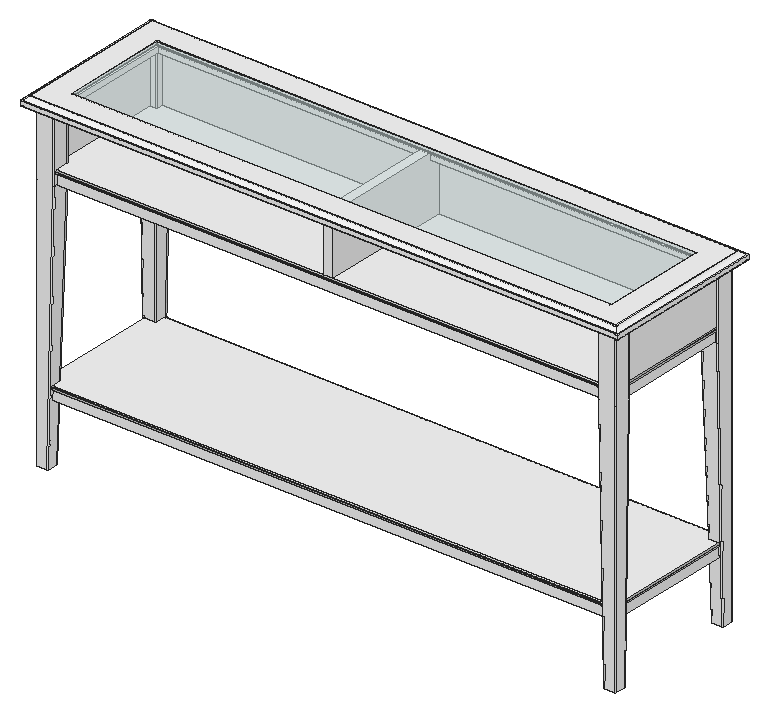
Revit family "IKEA_Liatorp Consolle", category Arredi, Revit 2015
Reference planes
  plane 1 "Centro (Fronte/Retro)": y = 0
  plane 2: z = 0
  plane 3 "Centro (Sinistra/Destra)": x = 0
  plane 4: y = -370
  plane 5: x = -675
  plane 6: x = 675
  plane 7: z = 750
  plane 8: z = 610
  plane 9: z = 140
  plane 10: z = 580
  plane 11: z = 170
  plane 12: x = -655
  plane 13: x = 655
  plane 14: x = -630
  plane 15: x = -615
  plane 16: y = -350
  plane 17: y = -20
  plane 18: y = -310
Forms (mm)
  Sweep 1, solid, material "Laccato bianco"
    path origin (-1036.162, -1524, 750) x (-1, 0, 0) y (0, -1, 0)
      loop
        line (-361.162, -1524) -> (-361.162, -1154) -> (-1711.162, -1154) -> (-1711.162, -1524) -> (-361.162, -1524)
    profile origin (0, 0, 750) x (0, 1, 0) y (0, 0, 1)
      loop
        line (-12.708, 0) -> (-64.288, 0)
        arc (-64.288, 0) -> (-64.791, -0.209) -> (-65, -0.712) r 0.712
        line (-65, -0.712) -> (-65, -7) -> (-70, -7) -> (-70, -20) -> (-1, -20)
        arc (-1, -20) -> (-0.293, -19.707) -> (0, -19) r 1
        line (0, -19) -> (0, -8.876)
        arc (0, -8.876) -> (-0.245, -8.257) -> (-0.847, -7.972) r 0.906
        arc (-0.847, -7.972) -> (-7.281, -5.77) -> (-11.722, -0.62) r 13
        arc (-11.722, -0.62) -> (-12.125, -0.168) -> (-12.708, 0) r 1.093
  Extrusion 2, solid, material "Vetro x arredo"
    sketch origin (-1036.162, -1524, 750) x (-1, 0, 0) y (0, -1, 0)
      loop
        line (-426.172, -1458.99) -> (-426.172, -1219.01) -> (-1646.153, -1219.01) -> (-1646.153, -1458.99) -> (-426.172, -1458.99)
    from -7 to 0
  Extrusion 3, solid, material "Laccato bianco"
    sketch origin (-1036.162, -1524, 750) x (-1, 0, 0) y (0, -1, 0)
      loop
        arc (-383.483, -1214) -> (-381.842, -1213.32) -> (-381.162, -1211.68) r 2.32
        line (-381.162, -1211.68) -> (-381.162, -1176.342)
        arc (-381.162, -1176.342) -> (-381.848, -1174.686) -> (-383.504, -1174) r 2.342
        line (-383.504, -1174) -> (-418.906, -1174)
        arc (-418.906, -1174) -> (-420.501, -1174.661) -> (-421.162, -1176.257) r 2.257
        line (-421.162, -1176.257) -> (-421.162, -1211.736)
        arc (-421.162, -1211.736) -> (-420.499, -1213.337) -> (-418.898, -1214) r 2.264
        line (-418.898, -1214) -> (-383.483, -1214)
    from -170 to -20
  Blend 4, solid, material "Laccato bianco"
    base sketch origin (-1036.162, -1524, 750) x (-1, 0, 0) y (0, -1, 0)
      loop
        line (-383.504, -1174) -> (-418.906, -1174)
        arc (-418.906, -1174) -> (-420.501, -1174.661) -> (-421.162, -1176.257) r 2.257
        line (-421.162, -1176.257) -> (-421.162, -1211.736)
        arc (-421.162, -1211.736) -> (-420.499, -1213.337) -> (-418.898, -1214) r 2.264
        line (-418.898, -1214) -> (-383.483, -1214)
        arc (-383.483, -1214) -> (-381.842, -1213.32) -> (-381.162, -1211.68) r 2.32
        line (-381.162, -1211.68) -> (-381.162, -1176.342)
        arc (-381.162, -1176.342) -> (-381.848, -1174.686) -> (-383.504, -1174) r 2.342
    top sketch origin (-1036.162, -1524, 750) x (-1, 0, 0) y (0, -1, 0)
      loop
        line (-381.162, -1198.717) -> (-381.162, -1176.342)
        arc (-381.162, -1176.342) -> (-381.848, -1174.686) -> (-383.504, -1174) r 2.342
        line (-383.504, -1174) -> (-405.868, -1174)
        arc (-405.868, -1174) -> (-407.49, -1174.672) -> (-408.162, -1176.295) r 2.295
        line (-408.162, -1176.295) -> (-408.162, -1198.693)
        arc (-408.162, -1198.693) -> (-407.487, -1200.324) -> (-405.855, -1201) r 2.307
        line (-405.855, -1201) -> (-383.445, -1201)
        arc (-383.445, -1201) -> (-381.831, -1200.331) -> (-381.162, -1198.717) r 2.283
    from -170 to -750
  Extrusion 5, solid, material "Laccato bianco"
    sketch origin (1036.162, -1524, 750) x (1, 0, 0) y (0, 1, 0)
      loop
        line (-383.483, 1214) -> (-418.898, 1214)
        arc (-418.898, 1214) -> (-420.499, 1213.337) -> (-421.162, 1211.736) r 2.264
        line (-421.162, 1211.736) -> (-421.162, 1176.257)
        arc (-421.162, 1176.257) -> (-420.501, 1174.661) -> (-418.906, 1174) r 2.257
        line (-418.906, 1174) -> (-383.504, 1174)
        arc (-383.504, 1174) -> (-381.848, 1174.686) -> (-381.162, 1176.342) r 2.342
        line (-381.162, 1176.342) -> (-381.162, 1211.68)
        arc (-381.162, 1211.68) -> (-381.842, 1213.32) -> (-383.483, 1214) r 2.32
    from -170 to -20
  Blend 6, solid, material "Laccato bianco"
    base sketch origin (1036.162, -1524, 750) x (1, 0, 0) y (0, 1, 0)
      loop
        arc (-383.504, 1174) -> (-381.848, 1174.686) -> (-381.162, 1176.342) r 2.342
        line (-381.162, 1176.342) -> (-381.162, 1211.68)
        arc (-381.162, 1211.68) -> (-381.842, 1213.32) -> (-383.483, 1214) r 2.32
        line (-383.483, 1214) -> (-418.898, 1214)
        arc (-418.898, 1214) -> (-420.499, 1213.337) -> (-421.162, 1211.736) r 2.264
        line (-421.162, 1211.736) -> (-421.162, 1176.257)
        arc (-421.162, 1176.257) -> (-420.501, 1174.661) -> (-418.906, 1174) r 2.257
        line (-418.906, 1174) -> (-383.504, 1174)
    top sketch origin (1036.162, -1524, 750) x (1, 0, 0) y (0, 1, 0)
      loop
        arc (-381.162, 1198.717) -> (-381.831, 1200.331) -> (-383.445, 1201) r 2.283
        line (-383.445, 1201) -> (-405.855, 1201)
        arc (-405.855, 1201) -> (-407.487, 1200.324) -> (-408.162, 1198.693) r 2.307
        line (-408.162, 1198.693) -> (-408.162, 1176.295)
        arc (-408.162, 1176.295) -> (-407.49, 1174.672) -> (-405.868, 1174) r 2.295
        line (-405.868, 1174) -> (-383.504, 1174)
        arc (-383.504, 1174) -> (-381.848, 1174.686) -> (-381.162, 1176.342) r 2.342
        line (-381.162, 1176.342) -> (-381.162, 1198.717)
    from -170 to -750
  Extrusion 7, solid, material "Laccato bianco"
    sketch origin (1036.162, 1154, 750) x (1, 0, 0) y (0, 1, 0)
      loop
        arc (-383.483, -1214) -> (-381.842, -1213.32) -> (-381.162, -1211.68) r 2.32
        line (-381.162, -1211.68) -> (-381.162, -1176.342)
        arc (-381.162, -1176.342) -> (-381.848, -1174.686) -> (-383.504, -1174) r 2.342
        line (-383.504, -1174) -> (-418.906, -1174)
        arc (-418.906, -1174) -> (-420.501, -1174.661) -> (-421.162, -1176.257) r 2.257
        line (-421.162, -1176.257) -> (-421.162, -1211.736)
        arc (-421.162, -1211.736) -> (-420.499, -1213.337) -> (-418.898, -1214) r 2.264
        line (-418.898, -1214) -> (-383.483, -1214)
    from -170 to -20
  Blend 8, solid, material "Laccato bianco"
    base sketch origin (1036.162, 1154, 750) x (1, 0, 0) y (0, 1, 0)
      loop
        line (-383.504, -1174) -> (-418.906, -1174)
        arc (-418.906, -1174) -> (-420.501, -1174.661) -> (-421.162, -1176.257) r 2.257
        line (-421.162, -1176.257) -> (-421.162, -1211.736)
        arc (-421.162, -1211.736) -> (-420.499, -1213.337) -> (-418.898, -1214) r 2.264
        line (-418.898, -1214) -> (-383.483, -1214)
        arc (-383.483, -1214) -> (-381.842, -1213.32) -> (-381.162, -1211.68) r 2.32
        line (-381.162, -1211.68) -> (-381.162, -1176.342)
        arc (-381.162, -1176.342) -> (-381.848, -1174.686) -> (-383.504, -1174) r 2.342
    top sketch origin (1036.162, 1154, 750) x (1, 0, 0) y (0, 1, 0)
      loop
        line (-381.162, -1198.717) -> (-381.162, -1176.342)
        arc (-381.162, -1176.342) -> (-381.848, -1174.686) -> (-383.504, -1174) r 2.342
        line (-383.504, -1174) -> (-405.868, -1174)
        arc (-405.868, -1174) -> (-407.49, -1174.672) -> (-408.162, -1176.295) r 2.295
        line (-408.162, -1176.295) -> (-408.162, -1198.693)
        arc (-408.162, -1198.693) -> (-407.487, -1200.324) -> (-405.855, -1201) r 2.307
        line (-405.855, -1201) -> (-383.445, -1201)
        arc (-383.445, -1201) -> (-381.831, -1200.331) -> (-381.162, -1198.717) r 2.283
    from -170 to -750
  Extrusion 9, solid, material "Laccato bianco"
    sketch origin (-1036.162, 1154, 750) x (-1, 0, 0) y (0, -1, 0)
      loop
        line (-383.483, 1214) -> (-418.898, 1214)
        arc (-418.898, 1214) -> (-420.499, 1213.337) -> (-421.162, 1211.736) r 2.264
        line (-421.162, 1211.736) -> (-421.162, 1176.257)
        arc (-421.162, 1176.257) -> (-420.501, 1174.661) -> (-418.906, 1174) r 2.257
        line (-418.906, 1174) -> (-383.504, 1174)
        arc (-383.504, 1174) -> (-381.848, 1174.686) -> (-381.162, 1176.342) r 2.342
        line (-381.162, 1176.342) -> (-381.162, 1211.68)
        arc (-381.162, 1211.68) -> (-381.842, 1213.32) -> (-383.483, 1214) r 2.32
    from -170 to -20
  Blend 10, solid, material "Laccato bianco"
    base sketch origin (-1036.162, 1154, 750) x (-1, 0, 0) y (0, -1, 0)
      loop
        arc (-383.504, 1174) -> (-381.848, 1174.686) -> (-381.162, 1176.342) r 2.342
        line (-381.162, 1176.342) -> (-381.162, 1211.68)
        arc (-381.162, 1211.68) -> (-381.842, 1213.32) -> (-383.483, 1214) r 2.32
        line (-383.483, 1214) -> (-418.898, 1214)
        arc (-418.898, 1214) -> (-420.499, 1213.337) -> (-421.162, 1211.736) r 2.264
        line (-421.162, 1211.736) -> (-421.162, 1176.257)
        arc (-421.162, 1176.257) -> (-420.501, 1174.661) -> (-418.906, 1174) r 2.257
        line (-418.906, 1174) -> (-383.504, 1174)
    top sketch origin (-1036.162, 1154, 750) x (-1, 0, 0) y (0, -1, 0)
      loop
        arc (-381.162, 1198.717) -> (-381.831, 1200.331) -> (-383.445, 1201) r 2.283
        line (-383.445, 1201) -> (-405.855, 1201)
        arc (-405.855, 1201) -> (-407.487, 1200.324) -> (-408.162, 1198.693) r 2.307
        line (-408.162, 1198.693) -> (-408.162, 1176.295)
        arc (-408.162, 1176.295) -> (-407.49, 1174.672) -> (-405.868, 1174) r 2.295
        line (-405.868, 1174) -> (-383.504, 1174)
        arc (-383.504, 1174) -> (-381.848, 1174.686) -> (-381.162, 1176.342) r 2.342
        line (-381.162, 1176.342) -> (-381.162, 1198.717)
    from -170 to -750
  Sweep 11, solid, material "Laccato bianco"
    path origin (-1036.162, -1524, 750) x (-1, 0, 0) y (0, -1, 0)
      loop
        line (-386.149, -1499.013) -> (-386.149, -1179) -> (-1686.162, -1179) -> (-1686.162, -1499.013) -> (-386.149, -1499.013)
    profile origin (-0.007, -24.987, 750) x (0, 1, 0) y (0, 0, 1)
      loop
        line (-18.373, -140) -> (-18.373, -170) -> (-2.623, -170) -> (-2.623, -147.97) -> (-1.606, -147.97)
        arc (-1.606, -147.97) -> (-0.024, -146.524) -> (-1.126, -144.685) r 1.694
        arc (-1.126, -144.685) -> (-1.62, -143.982) -> (-1.126, -143.278) r 0.747
        arc (-1.126, -143.278) -> (-0.036, -141.398) -> (-1.7, -140) r 1.689
        line (-1.7, -140) -> (-18.373, -140)
  Extrusion 12, solid, material "Laccato bianco"
    sketch origin (-1036.162, -1524, 750) x (-1, 0, 0) y (0, -1, 0)
      loop
        line (-404.522, -1197.373) -> (-1667.789, -1197.373) -> (-1667.789, -1480.64) -> (-404.522, -1480.64) -> (-404.522, -1197.373)
    from -146.062 to -140
  Sweep 13, solid, material "Laccato bianco"
    path origin (-1036.162, -1524, 310) x (-1, 0, 0) y (0, -1, 0)
      loop
        line (-386.149, -1499.013) -> (-386.149, -1179) -> (-1686.162, -1179) -> (-1686.162, -1499.013) -> (-386.149, -1499.013)
    profile origin (-0.007, -24.987, 310) x (0, 1, 0) y (0, 0, 1)
      loop
        line (-18.373, -140) -> (-18.373, -170) -> (-2.623, -170) -> (-2.623, -147.97) -> (-1.606, -147.97)
        arc (-1.606, -147.97) -> (-0.024, -146.524) -> (-1.126, -144.685) r 1.694
        arc (-1.126, -144.685) -> (-1.62, -143.982) -> (-1.126, -143.278) r 0.747
        arc (-1.126, -143.278) -> (-0.036, -141.398) -> (-1.7, -140) r 1.689
        line (-1.7, -140) -> (-18.373, -140)
  Extrusion 14, solid, material "Laccato bianco"
    sketch origin (-1036.162, -1524, 750) x (-1, 0, 0) y (0, -1, 0)
      loop
        line (-404.522, -1197.373) -> (-1667.789, -1197.373) -> (-1667.789, -1480.64) -> (-404.522, -1480.64) -> (-404.522, -1197.373)
    from -587.97 to -580
  Extrusion 15, solid, material "Laccato bianco"
    sketch origin (0, 0, 0) x (1, 0, 0) y (0, 0, 1)
      loop
        line (-10, 743) -> (-10, 610) -> (10, 610) -> (10, 743) -> (-10, 743)
    from 43.993 to 342.377
  Extrusion 16, solid, material "Laccato bianco"
    sketch origin (-1036.162, -1524, 750) x (-1, 0, 0) y (0, -1, 0)
      loop
        line (-1651.162, -1497.407) -> (-421.162, -1497.407) -> (-421.162, -1480.007) -> (-1651.162, -1480.007) -> (-1651.162, -1497.407)
      loop
        line (-388.772, -1464) -> (-388.772, -1214) -> (-406.162, -1214) -> (-406.162, -1464) -> (-388.772, -1464)
      loop
        line (-1684.556, -1214) -> (-1684.556, -1464) -> (-1666.162, -1464) -> (-1666.162, -1214) -> (-1684.556, -1214)
    from -140 to -20
Cuts and joins
  joined: Extrusion 3, Blend 4, Extrusion 5, Blend 6, Extrusion 7, Blend 8, Extrusion 9, Blend 10, Sweep 11, Extrusion 12, Sweep 13, Extrusion 14
Dimensions and locks
  equal spacing: plane 5, plane 3 "Centro (Sinistra/Destra)", plane 6
  plane 5 to plane 6 = 1350 mm
  plane 4 to plane 1 "Centro (Fronte/Retro)" = 370 mm
  plane 7 to level = 750 mm
  aligned and locked: level to plane 2
  aligned and locked: plane 1 "Centro (Fronte/Retro)" to Sweep 1 sketch curve
  aligned and locked: plane 5 to Sweep 1 sketch curve
  aligned and locked: plane 4 to Sweep 1 sketch curve
  aligned and locked: Sweep 1 sketch curve to plane 6
  aligned and locked: Extrusion 2 sketch curve to Sweep 1  (x4)
  aligned and locked: plane 7 to Extrusion 2
  aligned and locked: Extrusion 3 sketch curve to plane 18
  aligned and locked: plane 12 to Extrusion 3 sketch curve
  aligned and locked: plane 16 to Extrusion 3 sketch curve
  aligned and locked: Extrusion 3 sketch curve to plane 15
  aligned and locked: Extrusion 3 to plane 10
  aligned and locked: Sweep 1 to Extrusion 3
  aligned and locked: Blend 4 to level
  aligned and locked: plane 10 to Blend 4
  aligned and locked: plane 8 to Extrusion 12
  aligned and locked: Sweep 11 sketch curve to plane 8
  aligned and locked: Sweep 13 to Extrusion 14
  aligned and locked: plane 11 to Extrusion 14
  aligned and locked: plane 8 to Extrusion 15 sketch curve
  aligned and locked: Extrusion 16 sketch curve to cut or joined group of Extrusion 3, Blend 4, Extrusion 5, Blend 6, Extrusion 7, Blend 8, Extrusion 9, Blend 10, Sweep 11, Extrusion 12, Sweep 13, Extrusion 14
  aligned and locked: Extrusion 16 to plane 8
  aligned and locked: Extrusion 16 to Sweep 1
  aligned and locked: Extrusion 15 to Extrusion 16
  aligned and locked: Extrusion 15 sketch curve to Sweep 1
Automatic sketch dimensions
  Sweep 1 sketch curve to plane 7 = 0 mm
  Sweep 1 sketch curve to profile plane = 0 mm  (x2)
  profile plane to Sweep 1 sketch curve = 0.906 mm
  profile plane to Sweep 1 sketch curve = 1 mm
  profile plane to Sweep 1 sketch curve = 12.708 mm
  Sweep 1 sketch curve to plane 7 = 0.712 mm
  Sweep 1 sketch curve to Sweep 1 sketch curve = 51.58 mm
  Sweep 1 sketch curve to Sweep 1 sketch curve = 5 mm
  Sweep 1 sketch curve to plane 7 = 1.093 mm
  Sweep 1 sketch curve to Sweep 1 sketch curve = 6.288 mm
  Sweep 1 sketch curve to plane 7 = 8.876 mm
  Sweep 1 sketch curve to Sweep 1 sketch curve = 10.124 mm
  plane 7 to Sweep 1 sketch curve = 5 mm
  Sweep 1 sketch curve to Sweep 1 sketch curve = 0 mm
  Extrusion 3 sketch curve to plane 15 = 2.257 mm
  Extrusion 3 sketch curve to plane 15 = 2.264 mm
  plane 12 to Extrusion 3 sketch curve = 2.342 mm
  plane 12 to Extrusion 3 sketch curve = 2.32 mm
  Blend 4 sketch curve to plane 15 = 0 mm
  Blend 4 sketch curve to plane 16 = 0 mm  (x2)
  Blend 4 sketch curve to plane 18 = 0 mm
  Blend 4 sketch curve to plane 12 = 0 mm  (x2)
  Blend 4 sketch curve to plane 15 = 2.257 mm
  Blend 4 sketch curve to Blend 4 sketch curve = 2.264 mm
  plane 12 to Blend 4 sketch curve = 2.342 mm  (x2)
  plane 12 to Blend 4 sketch curve = 2.32 mm
  plane 12 to Blend 4 sketch curve = 2.283 mm
  Blend 4 sketch curve to plane 14 = 0.307 mm
  Blend 4 sketch curve to plane 14 = 0.295 mm
  plane 14 to Blend 4 sketch curve = 2 mm
  Blend 4 sketch curve to plane 18 = 15.307 mm
  Extrusion 5 sketch curve to plane 16 = 0 mm
  Extrusion 5 sketch curve to plane 18 = 0 mm
  Extrusion 5 sketch curve to plane 13 = 0 mm
  Extrusion 5 sketch curve to plane 13 = 2.32 mm
  Extrusion 5 sketch curve to plane 13 = 2.342 mm
  Extrusion 5 sketch curve to plane 18 = 2.264 mm
  Extrusion 5 sketch curve to Extrusion 5 sketch curve = 35.415 mm
  Extrusion 5 sketch curve to Extrusion 5 sketch curve = 2.257 mm
  Blend 6 sketch curve to plane 16 = 0 mm  (x2)
  Blend 6 sketch curve to plane 18 = 0 mm
  Blend 6 sketch curve to plane 13 = 0 mm  (x2)
  Blend 6 sketch curve to plane 13 = 2.32 mm
  Blend 6 sketch curve to plane 13 = 2.342 mm  (x2)
  Blend 6 sketch curve to Blend 6 sketch curve = 35.415 mm
  plane 16 to Blend 6 sketch curve = 2.257 mm
  Blend 6 sketch curve to Blend 6 sketch curve = 35.402 mm
  Blend 6 sketch curve to plane 13 = 2.283 mm
  Blend 6 sketch curve to Blend 6 sketch curve = 22.41 mm
  plane 16 to Blend 6 sketch curve = 2.295 mm
  Blend 6 sketch curve to Blend 6 sketch curve = 22.364 mm
  Blend 6 sketch curve to plane 18 = 15.307 mm
  plane 17 to Extrusion 7 sketch curve = 0 mm
  Extrusion 7 sketch curve to plane 13 = 0 mm
  Extrusion 7 sketch curve to plane 13 = 2.32 mm
  Extrusion 7 sketch curve to plane 13 = 2.342 mm
  Extrusion 7 sketch curve to Extrusion 7 sketch curve = 35.415 mm
  plane 17 to Extrusion 7 sketch curve = 2.257 mm
  Extrusion 7 sketch curve to Extrusion 7 sketch curve = 35.402 mm
  Extrusion 7 sketch curve to Extrusion 7 sketch curve = 35.338 mm
  plane 17 to Blend 8 sketch curve = 0 mm  (x2)
  Blend 8 sketch curve to plane 13 = 0 mm  (x2)
  Blend 8 sketch curve to plane 13 = 2.32 mm
  Blend 8 sketch curve to plane 13 = 2.342 mm  (x2)
  Blend 8 sketch curve to Blend 8 sketch curve = 35.415 mm
  plane 17 to Blend 8 sketch curve = 2.257 mm
  Blend 8 sketch curve to Blend 8 sketch curve = 35.402 mm
  Blend 8 sketch curve to Blend 8 sketch curve = 35.338 mm
  Blend 8 sketch curve to plane 13 = 2.283 mm
  Blend 8 sketch curve to Blend 8 sketch curve = 22.41 mm
  plane 17 to Blend 8 sketch curve = 2.295 mm
  Blend 8 sketch curve to Blend 8 sketch curve = 22.364 mm
  Blend 8 sketch curve to Blend 8 sketch curve = 22.398 mm
  Extrusion 9 sketch curve to plane 15 = 0 mm
  plane 17 to Extrusion 9 sketch curve = 0 mm
  Extrusion 9 sketch curve to plane 12 = 0 mm
  Extrusion 9 sketch curve to plane 15 = 2.257 mm
  Extrusion 9 sketch curve to plane 15 = 2.264 mm
  plane 12 to Extrusion 9 sketch curve = 2.342 mm
  plane 12 to Extrusion 9 sketch curve = 2.32 mm
  Extrusion 9 sketch curve to Extrusion 9 sketch curve = 35.338 mm
  Blend 10 sketch curve to plane 15 = 0 mm
  plane 17 to Blend 10 sketch curve = 0 mm  (x2)
  Blend 10 sketch curve to plane 12 = 0 mm  (x2)
  Blend 10 sketch curve to plane 15 = 2.257 mm
  Blend 10 sketch curve to Blend 10 sketch curve = 2.264 mm
  plane 12 to Blend 10 sketch curve = 2.342 mm  (x2)
  plane 12 to Blend 10 sketch curve = 2.32 mm
  Blend 10 sketch curve to Blend 10 sketch curve = 35.338 mm
  plane 12 to Blend 10 sketch curve = 2.283 mm
  Blend 10 sketch curve to plane 14 = 0.307 mm
  Blend 10 sketch curve to plane 14 = 0.295 mm
  plane 14 to Blend 10 sketch curve = 2 mm
  Blend 10 sketch curve to Blend 10 sketch curve = 22.398 mm
  Sweep 11 sketch curve to plane 13 = 5 mm
  plane 12 to Sweep 11 sketch curve = 4.986 mm
  plane 17 to Sweep 11 sketch curve = 4.987 mm
  plane 16 to Sweep 11 sketch curve = 5 mm
  profile plane to Sweep 11 sketch curve = 18.373 mm
  profile plane to Sweep 11 sketch curve = 2.623 mm
  profile plane to Sweep 11 sketch curve = 1.7 mm  (x2)
  Sweep 11 sketch curve to Sweep 11 sketch curve = 1.017 mm
  profile plane to Sweep 11 sketch curve = 0.872 mm
  Sweep 11 sketch curve to Sweep 11 sketch curve = 1.689 mm
  Sweep 11 sketch curve to Sweep 11 sketch curve = 2.292 mm
  Sweep 11 sketch curve to Sweep 11 sketch curve = 2.297 mm
  Sweep 11 sketch curve to Sweep 11 sketch curve = 1.691 mm
  Sweep 11 sketch curve to Sweep 11 sketch curve = 22.03 mm
  Sweep 11 sketch curve to Sweep 11 sketch curve = 0 mm
  Extrusion 12 sketch curve to plane 14 = 1.64 mm
  Extrusion 12 sketch curve to plane 18 = 16.627 mm
  Sweep 13 sketch curve to plane 13 = 5 mm
  plane 12 to Sweep 13 sketch curve = 4.986 mm
  plane 17 to Sweep 13 sketch curve = 4.987 mm
  plane 16 to Sweep 13 sketch curve = 5 mm
  profile plane to Sweep 13 sketch curve = 18.373 mm
  profile plane to Sweep 13 sketch curve = 2.623 mm
  profile plane to Sweep 13 sketch curve = 1.7 mm  (x2)
  Sweep 13 sketch curve to Sweep 13 sketch curve = 1.017 mm
  profile plane to Sweep 13 sketch curve = 0.872 mm
  Sweep 13 sketch curve to profile plane = 170 mm
  Sweep 13 sketch curve to Sweep 13 sketch curve = 22.03 mm
  Sweep 13 sketch curve to Sweep 13 sketch curve = 1.691 mm
  Sweep 13 sketch curve to Sweep 13 sketch curve = 2.297 mm
  Sweep 13 sketch curve to Sweep 13 sketch curve = 2.292 mm
  Sweep 13 sketch curve to Sweep 13 sketch curve = 1.689 mm
  Sweep 13 sketch curve to Sweep 13 sketch curve = 0 mm
  Extrusion 14 sketch curve to plane 13 = 23.373 mm
  Extrusion 14 sketch curve to plane 14 = 1.64 mm
  plane 17 to Extrusion 14 sketch curve = 23.36 mm
  Extrusion 14 sketch curve to plane 18 = 16.627 mm
  Extrusion 12 sketch curve to plane 13 = 23.373 mm
  plane 17 to Extrusion 12 sketch curve = 23.36 mm
  Extrusion 16 sketch curve to plane 18 = 0 mm  (x2)
  Extrusion 16 sketch curve to plane 14 = 0 mm
  plane 17 to Extrusion 16 sketch curve = 6.593 mm
  Extrusion 16 sketch curve to plane 13 = 40 mm
  Extrusion 16 sketch curve to Extrusion 16 sketch curve = 15 mm
  Extrusion 16 sketch curve to plane 13 = 6.606 mm
  plane 12 to Extrusion 16 sketch curve = 7.61 mm
  Extrusion 16 sketch curve to Extrusion 16 sketch curve = 17.4 mm
  Extrusion 16 sketch curve to Extrusion 16 sketch curve = 16.007 mm  (x2)
  Extrusion 15 sketch curve to plane 3 "Centro (Sinistra/Destra)" = 10 mm
  plane 3 "Centro (Sinistra/Destra)" to Extrusion 15 sketch curve = 10 mm
